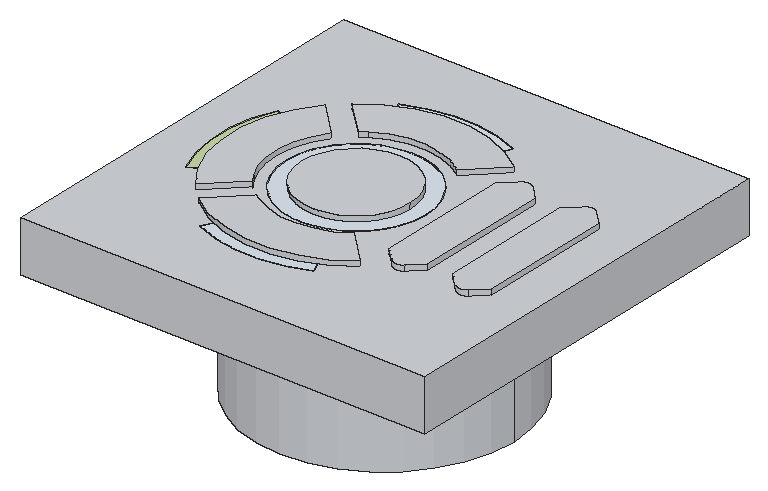
Revit family "Zumtobel ED-CCW 01_02_03 b+c", category Lighting Fixtures, host Face, Revit 2016
Family settings
  Host = Face
  Part Type = Normal
  Round Connector Dimension = Use Diameter
  OmniClass Number = 23.80.70.11
  OmniClass Title = Luminaries for Internal Lighting
  Cut with Voids When Loaded = Yes
  Light Source = No
  Shared = No
  Room Calculation Point = No
Parameters (values of type "ED-CCW 01_02_03 b+c")
  Width = 87 mm  # constant formula
  URL = "www.zumtobel.com/22154658"
  Type Comments = "© Zumtobel. We reserve the right to make technical changes without prior notice."  # constant formula
  Model = "22154658"
  Manufacturer = "Zumtobel Lighting"  # constant formula
  Length = 87 mm  # constant formula
  Lamp = ""
  Height = 13 mm  # constant formula
  Description = "Circle control point"  # constant formula
  Default Elevation = 0 mm
  Body [instance] = ZG_Plastics White
  Assembly Code = "D5020200"
  Apparent Load = 0 VA  # constant formula
Reference planes
  plane 1 "Center (Front/Back)": y = -48.5
  plane 2 "Top": z = 0
  plane 3 "Center (Left/Right)": x = -0.5
  plane 4: z = 13
  plane 5: x = -44
  plane 6: x = 43
  plane 7: y = -5
  plane 8: y = -92
  plane 9: z = 12
  plane 10: z = 7
Forms (mm)
  Extrusion 1, solid
    sketch origin (0, 0, 0) x (1, 0, 0) y (0, 1, 0)
      loop
        line (-41.5, -7.5) -> (-41.5, -89.28) -> (40.796, -89.28) -> (40.796, -7.5) -> (-41.5, -7.5)
    from 0 to 1
  Extrusion 2, solid
    sketch origin (0, 0, 0) x (1, 0, 0) y (0, 1, 0)
      loop
        line (-44, -5) -> (-44, -92) -> (43, -92) -> (43, -5) -> (-44, -5)
    from 1 to 7
  Extrusion 3, solid
    sketch origin (0, 0, 6) x (1, 0, 0) y (0, 1, 0)
      loop
        line (-44, -5) -> (-44, -92) -> (43, -92) -> (43, -5) -> (-44, -5)
      loop
        line (-20.379, -37.956) -> (-27.168, -31.167)
        arc (-27.168, -31.167) -> (-29.306, -34.087) -> (-31.032, -37.267) r 26.937
        line (-31.032, -37.267) -> (-33.305, -36.225)
        arc (-33.305, -36.225) -> (-35.986, -48.5) -> (-33.305, -60.775) r 29.437
        line (-33.305, -60.775) -> (-31.032, -59.733)
        arc (-31.032, -59.733) -> (-29.306, -62.913) -> (-27.168, -65.833) r 26.937
        line (-27.168, -65.833) -> (-20.379, -59.044)
        arc (-20.379, -59.044) -> (-20.854, -58.391) -> (-21.298, -57.715) r 17.392
        arc (-21.298, -57.715) -> (-23.922, -47.692) -> (-20.379, -37.956) r 17.392
      loop
        line (3.996, -34.669) -> (10.785, -27.88)
        arc (10.785, -27.88) -> (7.864, -25.743) -> (4.684, -24.017) r 26.937
        line (4.684, -24.017) -> (5.726, -21.744)
        arc (5.726, -21.744) -> (-6.549, -19.063) -> (-18.824, -21.744) r 29.437
        line (-18.824, -21.744) -> (-17.782, -24.017)
        arc (-17.782, -24.017) -> (-20.962, -25.743) -> (-23.882, -27.88) r 26.937
        line (-23.882, -27.88) -> (-17.093, -34.669)
        arc (-17.093, -34.669) -> (-16.439, -34.195) -> (-15.764, -33.751) r 17.392
        arc (-15.764, -33.751) -> (-5.741, -31.127) -> (3.996, -34.669) r 17.392
      loop
        arc (3.996, -62.331) -> (-5.741, -65.873) -> (-15.764, -63.249) r 17.392
        arc (-15.764, -63.249) -> (-16.439, -62.805) -> (-17.093, -62.331) r 17.392
        line (-17.093, -62.331) -> (-23.882, -69.12)
        arc (-23.882, -69.12) -> (-20.962, -71.257) -> (-17.782, -72.983) r 26.937
        line (-17.782, -72.983) -> (-18.824, -75.256)
        arc (-18.824, -75.256) -> (-6.549, -77.937) -> (5.726, -75.256) r 29.437
        line (5.726, -75.256) -> (4.684, -72.983)
        arc (4.684, -72.983) -> (7.864, -71.257) -> (10.785, -69.12) r 26.937
        line (10.785, -69.12) -> (3.996, -62.331)
      loop
        line (12, -34.111) -> (12, -62.889) -> (14.776, -65.664)
        arc (14.776, -65.664) -> (16.216, -66.261) -> (17.656, -65.664) r 2.036
        line (17.656, -65.664) -> (20.431, -62.889) -> (20.431, -34.111) -> (17.656, -31.336)
        arc (17.656, -31.336) -> (16.216, -30.739) -> (14.776, -31.336) r 2.036
        line (14.776, -31.336) -> (12, -34.111)
      loop
        line (25.705, -34.111) -> (25.705, -62.889) -> (28.48, -65.664)
        arc (28.48, -65.664) -> (29.92, -66.261) -> (31.36, -65.664) r 2.036
        line (31.36, -65.664) -> (34.136, -62.889) -> (34.136, -34.111) -> (31.36, -31.336)
        arc (31.36, -31.336) -> (29.92, -30.739) -> (28.48, -31.336) r 2.036
        line (28.48, -31.336) -> (25.705, -34.111)
      loop
        circle (-6.549, -48.5) r 15
    from 1 to 6
  Extrusion 4, solid
    sketch origin (0, 0, 6) x (1, 0, 0) y (0, 1, 0)
      loop
        circle (-6.549, -48.5) r 11.625
      loop
        line (-20.379, -37.956) -> (-27.168, -31.167)
        arc (-27.168, -31.167) -> (-33.486, -48.5) -> (-27.168, -65.833) r 26.937
        line (-27.168, -65.833) -> (-20.379, -59.044)
        arc (-20.379, -59.044) -> (-20.854, -58.391) -> (-21.298, -57.715) r 17.392
        arc (-21.298, -57.715) -> (-23.922, -47.692) -> (-20.379, -37.956) r 17.392
      loop
        line (3.996, -34.669) -> (10.785, -27.88)
        arc (10.785, -27.88) -> (-6.549, -21.563) -> (-23.882, -27.88) r 26.937
        line (-23.882, -27.88) -> (-17.093, -34.669)
        arc (-17.093, -34.669) -> (-16.439, -34.195) -> (-15.764, -33.751) r 17.392
        arc (-15.764, -33.751) -> (-5.741, -31.127) -> (3.996, -34.669) r 17.392
      loop
        arc (3.996, -62.331) -> (-5.741, -65.873) -> (-15.764, -63.249) r 17.392
        arc (-15.764, -63.249) -> (-16.439, -62.805) -> (-17.093, -62.331) r 17.392
        line (-17.093, -62.331) -> (-23.882, -69.12)
        arc (-23.882, -69.12) -> (-6.549, -75.437) -> (10.785, -69.12) r 26.937
        line (10.785, -69.12) -> (3.996, -62.331)
      loop
        line (12, -34.111) -> (12, -62.889) -> (14.776, -65.664)
        arc (14.776, -65.664) -> (16.216, -66.261) -> (17.656, -65.664) r 2.036
        line (17.656, -65.664) -> (20.431, -62.889) -> (20.431, -34.111) -> (17.656, -31.336)
        arc (17.656, -31.336) -> (16.216, -30.739) -> (14.776, -31.336) r 2.036
        line (14.776, -31.336) -> (12, -34.111)
      loop
        line (25.705, -34.111) -> (25.705, -62.889) -> (28.48, -65.664)
        arc (28.48, -65.664) -> (29.92, -66.261) -> (31.36, -65.664) r 2.036
        line (31.36, -65.664) -> (34.136, -62.889) -> (34.136, -34.111) -> (31.36, -31.336)
        arc (31.36, -31.336) -> (29.92, -30.739) -> (28.48, -31.336) r 2.036
        line (28.48, -31.336) -> (25.705, -34.111)
    from 1 to 7
  Extrusion 5, solid, material "ZG_Color_Light_Blue"
    sketch origin (0, 0, 0) x (1, 0, 0) y (0, 1, 0)
      loop
        arc (-17.782, -24.017) -> (-6.549, -21.563) -> (4.684, -24.017) r 26.937
        line (4.684, -24.017) -> (5.726, -21.744)
        arc (5.726, -21.744) -> (-6.549, -19.063) -> (-18.824, -21.744) r 29.437
        line (-18.824, -21.744) -> (-17.782, -24.017)
      loop
        arc (-18.824, -75.256) -> (-6.549, -77.937) -> (5.726, -75.256) r 29.437
        line (5.726, -75.256) -> (4.684, -72.983)
        arc (4.684, -72.983) -> (-6.549, -75.437) -> (-17.782, -72.983) r 26.937
        line (-17.782, -72.983) -> (-18.824, -75.256)
      loop
        circle (-6.549, -48.5) r 11.625
      loop
        circle (-6.549, -48.5) r 15
    from 7 to 12
  Extrusion 6, solid
    sketch origin (0, 0, 0) x (1, 0, 0) y (0, 1, 0)
      loop
        circle (-0.5, -48.5) r 28
    from 0 to -25
  Extrusion 7, solid, material "ZG_Color_Light_Green"
    sketch origin (0, 0, 0) x (1, 0, 0) y (0, 1, 0)
      loop
        arc (-33.305, -36.225) -> (-35.986, -48.5) -> (-33.305, -60.775) r 29.437
        line (-33.305, -60.775) -> (-31.032, -59.733)
        arc (-31.032, -59.733) -> (-33.486, -48.5) -> (-31.032, -37.267) r 26.937
        line (-31.032, -37.267) -> (-33.305, -36.225)
    from 7 to 12
  Extrusion 8, void
    sketch origin (0, 0, 0) x (1, 0, 0) y (0, 1, 0)
      loop
        circle (-0.5, -48.5) r 35
    from 0 to -50
Cuts and joins
  joined: Extrusion 2, Extrusion 3
Dimensions and locks
  aligned and locked: plane 2 "Top" to host face
  aligned and locked: level to host face
